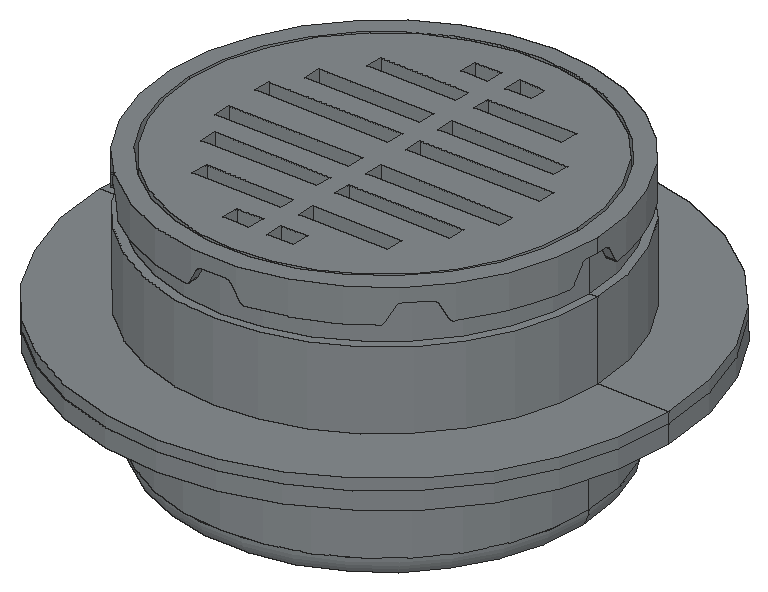
Revit family "Drain_Floor-Jay R.Smith-Round_Type-2330_2331_Series", category Plumbing Fixtures, Revit 2019
Family settings
  Round Connector Dimension = Use Diameter
  Part Type = Normal
  OmniClass Number = 23.70.50.21.24
  OmniClass Title = Waste Water Drains
  Work Plane-Based = Yes
  Always vertical = No
  Cut with Voids When Loaded = No
  Shared = Yes
  Room Calculation Point = No
Parameters (values of type "2331T02")
  Material = "Cast_Iron-Jay R.Smith-Duco_Coated"  # constant formula
  Finish = Cast_Iron-Jay R.Smith-Duco_Coated
  Constraint Radius = 0"
  Waste Connection = yes
  WFU = 0
  Vent Connection = no
  URL = "http://www.jrsmith.com"
  U - Vandal Proof Grate = no
  Type Comments = ""
  Trap Primer Connection -P050   1/2" (13) & -P075 3/4" (19) = no
  T-Threaded Outlet = yes
  Strainer Material = Cast_Iron-Jay R.Smith-Duco_Coated
  Strainer Inner Diameter = 11 1/2"  # constant formula
  Strainer Height Constraint [instance] = if(Strainer Height < 4", 4", (if(Strainer Height > 5 3/8", 5 3/8", Strainer Height)))  # 4"
  Strainer Height [instance] = 3 3/8"
  Strainer Outer Diameter = 12"  # constant formula
  S - Square Top = no
  Quad Close Trap Seal = no
  Product Page URL = "https://www.jrsmith.com/floor-drains-2330"
  Product Documentation Link = "https://www.jrsmith.com/uploads/fileLibrary/d2310.pdf"
  PB - Polished Bronze Top = no
  Outlet Radius = Outlet Diameter / 2  # 1"
  Outlet Diameter = 2"
  NO-HUB Adaptor = no
  NB - Nickel Bronze Top = no
  Model = "2331T02"
  Manufacturer = "Jay R. Smith"  # constant formula
  M - Ductile Iron Grate = no
  LXH - Speedi-Set Extra HeavY 02(50), 03(80) & 04"(100) sizes only (Fig. 2330 only = no
  L - Speedi-Set Service Weight 02(50), 03(80) & 04"(100) sizes only (Fig. 2330 only) = no
  Installation Type = "Floor Mounted"  # constant formula
  HWFU = 0
  HW Connection = no
  H - Hinged Grate = no
  G - Galvanized Cast Iron = no
  FBS - Flat Bottom Strainer = no
  Description = "Medium Duty Floor Drains with 12\" Adjustable Round Tops"
  Default Elevation = 0"
  D - Dome Grate = no
  Creation Date = "04/12/2024"  # constant formula
  Connection Type = "2\" Threaded Outlet Connection"
  CWFU = 0
  CW Connection = no
  C Diameter = 16"
  Body Height B = 3 3/4"
  Assembly Code = "D2030300"
  Adjustable Extensions 4 1/2(115) to 6"(150) -E = no
Types (26): name | T-Threaded Outlet | Strainer Height Constraint | Strainer Height | Outlet Radius | Outlet Diameter | Model | Connection Type | C Diameter | Body Height B
  (no name) | yes | 4" | 3 3/8" | 1" | 2" | "2331T02" | "2\" Threaded Outlet Connection" | 16" | 3 3/4"
  2330C02 | no | 5 3/8" | 7" | 1" | 2" | "2330C02" | "2\" Deep Body Caulk Outlet Connection" | 15 1/4" | 5"
  2330C03 | no | 4" | 3 3/8" | 1 1/2" | 3" | "2330C03" | "3\" Deep Body Caulk Outlet Connection" | 15 1/4" | 5"
  2330C04 | no | 4" | 3 3/8" | 2" | 4" | "2330C04" | "4\" Deep Body Caulk Outlet Connection" | 15 1/4" | 5"
  2330C05 | no | 4" | 3 3/8" | 2 1/2" | 5" | "2330C05" | "5\" Deep Body Caulk Outlet Connection" | 15 1/4" | 5"
  2330C06 | no | 4" | 3 3/8" | 3" | 6" | "2330C06" | "6\" Deep Body Caulk Outlet Connection" | 15 1/4" | 5"
  2330T02 | yes | 4" | 3 3/8" | 1" | 2" | "2330T02" | "2\" Threaded Outlet Connection" | 15 1/4" | 3 3/4"
  2330Y03 | no | 4" | 3 3/8" | 1 1/2" | 3" | "2330Y03" | "3\" Deep Body No Hub Outlet Connection" | 15 1/4" | 5"
  2330Y04 | no | 4" | 3 3/8" | 2" | 4" | "2330Y04" | "4\" Deep Body No Hub Outlet Connection" | 15 1/4" | 5"
  2330Y05 | no | 4" | 3 3/8" | 2 1/2" | 5" | "2330Y05" | "5\" Deep Body No Hub Outlet Connection" | 15 1/4" | 5"
  2330Y06 | no | 4" | 3 3/8" | 3" | 6" | "2330Y06" | "6\" Deep Body No Hub Outlet Connection" | 15 1/4" | 5"
  2330Y02 | no | 4" | 3 3/8" | 1" | 2" | "2330Y02" | "2\" Deep Body No Hub Outlet Connection" | 15 1/4" | 5"
  2330T03 | yes | 4" | 3 3/8" | 1 1/2" | 3" | "2330T03" | "3\" Threaded Outlet Connection" | 15 1/4" | 3 3/4"
  2330T04 | yes | 4" | 3 3/8" | 2" | 4" | "2330T04" | "4\" Threaded Outlet Connection" | 15 1/4" | 3 3/4"
  2330T05 | yes | 5" | 5" | 2 1/2" | 5" | "2330T05" | "5\" Threaded Outlet Connection" | 15 1/4" | 3 3/4"
  2330T06 | yes | 4" | 3 3/8" | 3" | 6" | "2330T06" | "6\" Threaded Outlet Connection" | 15 1/4" | 3 3/4"
  2331C02 | no | 4" | 3 3/8" | 1" | 2" | "2331C02" | "2\" Shallow Body Caulk Outlet Connection" | 16" | 3 3/4"
  2331C03 | no | 4" | 3 3/8" | 1 1/2" | 3" | "2331C03" | "3\" Shallow Body Caulk Outlet Connection" | 16" | 3 3/4"
  2331C04 | no | 4" | 3 3/8" | 2" | 4" | "2331C04" | "4\" Shallow Body Caulk Outlet Connection" | 16" | 3 3/4"
  2331C05 | no | 4" | 3 3/8" | 2 1/2" | 5" | "2331C05" | "5\" Shallow Body Caulk Outlet Connection" | 16" | 3 3/4"
  2331C06 | no | 4" | 3 3/8" | 3" | 6" | "2331C06" | "6\" Shallow Body Caulk Outlet Connection" | 16" | 3 3/4"
  2331T02 | yes | 4" | 3 3/8" | 1" | 2" | "2331T02" | "2\" Threaded Outlet Connection" | 16" | 3 3/4"
  2331T03 | yes | 4" | 3 3/8" | 1 1/2" | 3" | "2331T03" | "3\" Threaded Outlet Connection" | 16" | 3 3/4"
  2331T04 | yes | 4" | 3 3/8" | 2" | 4" | "2331T04" | "4\" Threaded Outlet Connection" | 16" | 3 3/4"
  2331T05 | yes | 5 3/8" | 9" | 2 1/2" | 5" | "2331T05" | "5\" Threaded Outlet Connection" | 16" | 3 3/4"
  2331T06 | yes | 4" | 3 3/8" | 3" | 6" | "2331T06" | "6\" Threaded Outlet Connection" | 16" | 3 3/4"
Reference planes (in)
  plane 1 "Center (Front/Back)": y = 0
  plane 2: z = 0
  plane 3 "Center (Left/Right)": x = 0
  plane 4: x = -8
  plane 5: x = 8
  plane 6: z = -7.75
  plane 7: z = -1.5
  plane 8: z = 0
  plane 9: z = -0.9375
  plane 10: x = 5.5
  plane 11: z = -4
  plane 12: x = -6
  plane 13: x = 6
  plane 14: x = -5.75
  plane 15: x = 5.75
  plane 16: z = -7.75
Forms (in)
  Revolve 1, solid, material "Cast_Iron-Jay R.Smith-Duco_Coated" <- "Finish"
    sketch origin (0, 0, -3.375) x (1, 0, 0) y (0, 0, 1)
      loop
        line (0, -0.625) -> (8, -0.625) -> (8, -0.31285) -> (6, -0.31285) -> (6, 1.875) -> (5.75, 1.875) -> (5.75, 3.375) -> (0, 3.375) -> (0, -0.625)
      axis (0, 3.375) -> (0, -0.625)
    angle from 0 to 360
  Extrusion 2, void
    sketch origin (0, 0, -3.375) x (1, 0, 0) y (0, 1, 0)
      loop
        line (1, 3.93394) -> (1, 4.43394) -> (0.25, 4.43394) -> (0.25, 3.93394) -> (1, 3.93394)
      loop
        line (2.75, 2.81671) -> (2.75, 3.31671) -> (0.25, 3.31671) -> (0.25, 2.81671) -> (2.75, 2.81671)
      loop
        line (3.5, 1.56671) -> (3.5, 2.06671) -> (0.25, 2.06671) -> (0.25, 1.56671) -> (3.5, 1.56671)
      loop
        circle (0, 0) r 5.41358
      loop
        circle (0, 0) r 5.5
      loop
        line (4, 0.44948) -> (4, 0.94948) -> (0.25, 0.94948) -> (0.25, 0.44948) -> (4, 0.44948)
      loop
        line (1, -3.93394) -> (0.25, -3.93394) -> (0.25, -4.43394) -> (1, -4.43394) -> (1, -3.93394)
      loop
        line (2.75, -2.81671) -> (0.25, -2.81671) -> (0.25, -3.31671) -> (2.75, -3.31671) -> (2.75, -2.81671)
      loop
        line (3.5, -1.56671) -> (0.25, -1.56671) -> (0.25, -2.06671) -> (3.5, -2.06671) -> (3.5, -1.56671)
      loop
        line (4, -0.44948) -> (0.25, -0.44948) -> (0.25, -0.94948) -> (4, -0.94948) -> (4, -0.44948)
      loop
        line (-1, 3.93394) -> (-0.25, 3.93394) -> (-0.25, 4.43394) -> (-1, 4.43394) -> (-1, 3.93394)
      loop
        line (-2.75, 2.81671) -> (-0.25, 2.81671) -> (-0.25, 3.31671) -> (-2.75, 3.31671) -> (-2.75, 2.81671)
      loop
        line (-3.5, 1.56671) -> (-0.25, 1.56671) -> (-0.25, 2.06671) -> (-3.5, 2.06671) -> (-3.5, 1.56671)
      loop
        line (-1, -3.93394) -> (-1, -4.43394) -> (-0.25, -4.43394) -> (-0.25, -3.93394) -> (-1, -3.93394)
      loop
        line (-2.75, -2.81671) -> (-2.75, -3.31671) -> (-0.25, -3.31671) -> (-0.25, -2.81671) -> (-2.75, -2.81671)
      loop
        line (-3.5, -1.56671) -> (-3.5, -2.06671) -> (-0.25, -2.06671) -> (-0.25, -1.56671) -> (-3.5, -1.56671)
      loop
        line (-4, 0.44948) -> (-0.25, 0.44948) -> (-0.25, 0.94948) -> (-4, 0.94948) -> (-4, 0.44948)
      loop
        line (-4, -0.44948) -> (-4, -0.94948) -> (-0.25, -0.94948) -> (-0.25, -0.44948) -> (-4, -0.44948)
    from 1.875 to 3.375
  Extrusion 3, solid, material "Cast_Iron-Jay R.Smith-Duco_Coated" <- "Finish"
    sketch origin (0, 0, -3.375) x (1, 0, 0) y (0, 1, 0)
      loop
        circle (0, 0) r 6
    from 2.4375 to 3.375
  Extrusion 4, void
    sketch origin (0, 0, -3.375) x (1, 0, 0) y (0, 0, 1)
      loop
        arc (-0.70435, 2.51656) -> (-0.76223, 2.45869) -> (-0.8413, 2.4375) r 0.15813
        line (-0.8413, 2.4375) -> (-0.90138, 2.4375) -> (-0.90138, 2.34852) -> (0.90893, 2.34852) -> (0.90893, 2.4375) -> (0.84021, 2.4375)
        arc (0.84021, 2.4375) -> (0.76209, 2.45843) -> (0.70489, 2.51563) r 0.15625
        line (0.70489, 2.51563) -> (0.47318, 2.91697)
        arc (0.47318, 2.91697) -> (0.41455, 2.9756) -> (0.33448, 2.99705) r 0.16016
        line (0.33448, 2.99705) -> (-0.33473, 2.99705)
        arc (-0.33473, 2.99705) -> (-0.41459, 2.97566) -> (-0.47305, 2.9172) r 0.15971
        line (-0.47305, 2.9172) -> (-0.70435, 2.51656)
    from -6.5145 to 6.65654
  Extrusion 5, void
    sketch origin (-8.67521, -0.06724, -3.375) x (0, -1, 0) y (0, 0, 1)
      loop
        arc (-0.70435, 2.51656) -> (-0.76223, 2.45869) -> (-0.8413, 2.4375) r 0.15813
        line (-0.8413, 2.4375) -> (-0.90138, 2.4375) -> (-0.90138, 2.34852) -> (0.90893, 2.34852) -> (0.90893, 2.4375) -> (0.84021, 2.4375)
        arc (0.84021, 2.4375) -> (0.76209, 2.45843) -> (0.70489, 2.51562) r 0.15625
        line (0.70489, 2.51562) -> (0.47318, 2.91697)
        arc (0.47318, 2.91697) -> (0.41455, 2.9756) -> (0.33448, 2.99705) r 0.16016
        line (0.33448, 2.99705) -> (-0.33473, 2.99705)
        arc (-0.33473, 2.99705) -> (-0.41459, 2.97566) -> (-0.47305, 2.9172) r 0.15971
        line (-0.47305, 2.9172) -> (-0.70435, 2.51656)
    from -7.67521 to -0.67521
  Extrusion 6, void
    sketch origin (8.67521, -0.06724, -3.375) x (0, -1, 0) y (0, 0, -1)
      loop
        line (-0.70435, -2.51656) -> (-0.47305, -2.9172)
        arc (-0.47305, -2.9172) -> (-0.41459, -2.97566) -> (-0.33473, -2.99705) r 0.15971
        line (-0.33473, -2.99705) -> (0.33448, -2.99705)
        arc (0.33448, -2.99705) -> (0.41455, -2.9756) -> (0.47318, -2.91697) r 0.16016
        line (0.47318, -2.91697) -> (0.70489, -2.51562)
        arc (0.70489, -2.51562) -> (0.76209, -2.45843) -> (0.84021, -2.4375) r 0.15625
        line (0.84021, -2.4375) -> (0.90893, -2.4375) -> (0.90893, -2.34852) -> (-0.90138, -2.34852) -> (-0.90138, -2.4375) -> (-0.8413, -2.4375)
        arc (-0.8413, -2.4375) -> (-0.76223, -2.45869) -> (-0.70435, -2.51656) r 0.15813
    from -7.67521 to -0.67521
  Extrusion 7, void
    sketch origin (-7.21736, 7.08212, -3.375) x (-0.701184, -0.712981, 0) y (0, 0, 1)
      loop
        arc (-0.70435, 2.51656) -> (-0.76223, 2.45869) -> (-0.8413, 2.4375) r 0.15813
        line (-0.8413, 2.4375) -> (-0.90138, 2.4375) -> (-0.90138, 2.34852) -> (0.90893, 2.34852) -> (0.90893, 2.4375) -> (0.84021, 2.4375)
        arc (0.84021, 2.4375) -> (0.76209, 2.45843) -> (0.70489, 2.51562) r 0.15625
        line (0.70489, 2.51562) -> (0.47318, 2.91697)
        arc (0.47318, 2.91697) -> (0.41455, 2.9756) -> (0.33448, 2.99705) r 0.16016
        line (0.33448, 2.99705) -> (-0.33473, 2.99705)
        arc (-0.33473, 2.99705) -> (-0.41459, 2.97566) -> (-0.47305, 2.9172) r 0.15971
        line (-0.47305, 2.9172) -> (-0.70435, 2.51656)
    from -7.36117 to -4.02183
  Extrusion 8, void
    sketch origin (7.75354, 7.61541, -3.375) x (0.701184, -0.712981, 0) y (0, 0, -1)
      loop
        line (-0.70435, -2.51656) -> (-0.47305, -2.9172)
        arc (-0.47305, -2.9172) -> (-0.41459, -2.97566) -> (-0.33473, -2.99705) r 0.15971
        line (-0.33473, -2.99705) -> (0.33448, -2.99705)
        arc (0.33448, -2.99705) -> (0.41455, -2.9756) -> (0.47318, -2.91697) r 0.16016
        line (0.47318, -2.91697) -> (0.70489, -2.51562)
        arc (0.70489, -2.51562) -> (0.76209, -2.45843) -> (0.84021, -2.4375) r 0.15625
        line (0.84021, -2.4375) -> (0.90893, -2.4375) -> (0.90893, -2.34852) -> (-0.90138, -2.34852) -> (-0.90138, -2.4375) -> (-0.8413, -2.4375)
        arc (-0.8413, -2.4375) -> (-0.76223, -2.45869) -> (-0.70435, -2.51656) r 0.15813
    from -8.49229 to -4.5742
  Extrusion 9, void
    sketch origin (-7.21736, -7.08212, -3.375) x (-0.701184, 0.712981, 0) y (0, 0, -1)
      loop
        line (-0.70435, -2.51656) -> (-0.47305, -2.9172)
        arc (-0.47305, -2.9172) -> (-0.41459, -2.97566) -> (-0.33473, -2.99705) r 0.15971
        line (-0.33473, -2.99705) -> (0.33448, -2.99705)
        arc (0.33448, -2.99705) -> (0.41455, -2.9756) -> (0.47318, -2.91697) r 0.16016
        line (0.47318, -2.91697) -> (0.70489, -2.51562)
        arc (0.70489, -2.51562) -> (0.76209, -2.45843) -> (0.84021, -2.4375) r 0.15625
        line (0.84021, -2.4375) -> (0.90893, -2.4375) -> (0.90893, -2.34852) -> (-0.90138, -2.34852) -> (-0.90138, -2.4375) -> (-0.8413, -2.4375)
        arc (-0.8413, -2.4375) -> (-0.76223, -2.45869) -> (-0.70435, -2.51656) r 0.15813
    from -7.06029 to -4.02183
  Extrusion 10, void
    sketch origin (7.75354, -7.61541, -3.375) x (0.701184, 0.712981, 0) y (0, 0, 1)
      loop
        arc (-0.70435, 2.51656) -> (-0.76223, 2.45869) -> (-0.8413, 2.4375) r 0.15813
        line (-0.8413, 2.4375) -> (-0.90138, 2.4375) -> (-0.90138, 2.34852) -> (0.90893, 2.34852) -> (0.90893, 2.4375) -> (0.84021, 2.4375)
        arc (0.84021, 2.4375) -> (0.76209, 2.45843) -> (0.70489, 2.51562) r 0.15625
        line (0.70489, 2.51562) -> (0.47318, 2.91697)
        arc (0.47318, 2.91697) -> (0.41455, 2.9756) -> (0.33448, 2.99705) r 0.16016
        line (0.33448, 2.99705) -> (-0.33473, 2.99705)
        arc (-0.33473, 2.99705) -> (-0.41459, 2.97566) -> (-0.47305, 2.9172) r 0.15971
        line (-0.47305, 2.9172) -> (-0.70435, 2.51656)
    from -8.49229 to -4.5742
  Revolve 11, solid, material "Cast_Iron-Jay R.Smith-Duco_Coated" <- "Finish"
    sketch origin (0, 0, -3.375) x (1, 0, 0) y (0, 0, 1)
      loop
        line (0, -0.625) -> (-8, -0.625) -> (-8, -1.125) -> (-5.97263, -1.89551)
        arc (-5.97263, -1.89551) -> (-5.81039, -2.0378) -> (-5.75, -2.24497) r 0.38558
        line (-5.75, -2.24497) -> (-5.75, -3.58549)
        arc (-5.75, -3.58549) -> (-5.57049, -4.01886) -> (-5.13712, -4.19837) r 0.61288
        arc (-5.13712, -4.19837) -> (-5.02814, -4.32693) -> (-4.86659, -4.375) r 0.29549
        line (-4.86659, -4.375) -> (-1.44549, -4.375) -> (-1.44549, -4.26764)
        arc (-1.44549, -4.26764) -> (-1.41404, -4.34356) -> (-1.33813, -4.375) r 0.10736
        line (-1.33813, -4.375) -> (-1, -4.375) -> (-1, -1.125) -> (0, -1.125) -> (0, -0.625)
      axis (0, -4.375) -> (0, -0.625)
    angle from 0 to 360
Cuts and joins
  Extrusion 2 cuts Revolve 1
  Extrusion 2, Extrusion 4, Extrusion 5, Extrusion 6, Extrusion 7, Extrusion 8, Extrusion 9, Extrusion 10 cuts Extrusion 3
  joined: Revolve 1, Extrusion 3
Lines and regions (in)
  Masking region 1
    outline origin (0, 0, 0) x (1, 0, 0) y (0, 1, 0)
  Masking region 2
    outline origin (0, 0, 0) x (1, 0, 0) y (0, 1, 0)
      loop
        circle (0, 0) r 8
  symbolic lines, detail levels medium+fine
    curve 1: line (-4, 0.44948, 0) -> (-4, 0.94948, 0)
    curve 2: line (-4, 0.94948, 0) -> (-0.25, 0.94948, 0)
    curve 3: line (-0.25, 0.94948, 0) -> (-0.25, 0.44948, 0)
    curve 4: line (-0.25, 0.44948, 0) -> (-4, 0.44948, 0)
    curve 5: line (-0.25, 1.56671, 0) -> (-3.5, 1.56671, 0)
    curve 6: line (-3.5, 1.56671, 0) -> (-3.5, 2.06671, 0)
    curve 7: line (-3.5, 2.06671, 0) -> (-0.25, 2.06671, 0)
    curve 8: line (-0.25, 2.06671, 0) -> (-0.25, 1.56671, 0)
    curve 9: line (-2.75, 3.31671, 0) -> (-0.25, 3.31671, 0)
    curve 10: line (-0.25, 3.31671, 0) -> (-0.25, 2.81671, 0)
    curve 11: line (-0.25, 2.81671, 0) -> (-2.75, 2.81671, 0)
    curve 12: line (-2.75, 2.81671, 0) -> (-2.75, 3.31671, 0)
    curve 13: line (-4, -0.44948, 0) -> (-0.25, -0.44948, 0)
    curve 14: line (-0.25, -0.44948, 0) -> (-0.25, -0.94948, 0)
    curve 15: line (-0.25, -0.94948, 0) -> (-4, -0.94948, 0)
    curve 16: line (-4, -0.94948, 0) -> (-4, -0.44948, 0)
    curve 17: line (-3.5, -2.06671, 0) -> (-3.5, -1.56671, 0)
    curve 18: line (-3.5, -1.56671, 0) -> (-0.25, -1.56671, 0)
    curve 19: line (-0.25, -1.56671, 0) -> (-0.25, -2.06671, 0)
    curve 20: line (-0.25, -2.06671, 0) -> (-3.5, -2.06671, 0)
    curve 21: line (-2.75, -2.81671, 0) -> (-0.25, -2.81671, 0)
    curve 22: line (-0.25, -2.81671, 0) -> (-0.25, -3.31671, 0)
    curve 23: line (-0.25, -3.31671, 0) -> (-2.75, -3.31671, 0)
    curve 24: line (-2.75, -3.31671, 0) -> (-2.75, -2.81671, 0)
    curve 25: line (0.25, -3.31671, 0) -> (0.25, -2.81671, 0)
    curve 26: line (0.25, -2.81671, 0) -> (2.75, -2.81671, 0)
    curve 27: line (2.75, -2.81671, 0) -> (2.75, -3.31671, 0)
    curve 28: line (2.75, -3.31671, 0) -> (0.25, -3.31671, 0)
    curve 29: line (0.25, -2.06671, 0) -> (0.25, -1.56671, 0)
    curve 30: line (0.25, -1.56671, 0) -> (3.5, -1.56671, 0)
    curve 31: line (3.5, -1.56671, 0) -> (3.5, -2.06671, 0)
    curve 32: line (3.5, -2.06671, 0) -> (0.25, -2.06671, 0)
    curve 33: line (0.25, -0.94948, 0) -> (0.25, -0.44948, 0)
    curve 34: line (0.25, -0.44948, 0) -> (4, -0.44948, 0)
    curve 35: line (4, -0.44948, 0) -> (4, -0.94948, 0)
    curve 36: line (4, -0.94948, 0) -> (0.25, -0.94948, 0)
    curve 37: line (0.25, 0.94948, 0) -> (4, 0.94948, 0)
    curve 38: line (4, 0.94948, 0) -> (4, 0.44948, 0)
    curve 39: line (4, 0.44948, 0) -> (0.25, 0.44948, 0)
    curve 40: line (0.25, 0.44948, 0) -> (0.25, 0.94948, 0)
    curve 41: line (0.25, 1.56671, 0) -> (0.25, 2.06671, 0)
    curve 42: line (0.25, 2.06671, 0) -> (3.5, 2.06671, 0)
    curve 43: line (3.5, 2.06671, 0) -> (3.5, 1.56671, 0)
    curve 44: line (3.5, 1.56671, 0) -> (0.25, 1.56671, 0)
    curve 45: line (2.75, 2.81671, 0) -> (0.25, 2.81671, 0)
    curve 46: line (0.25, 2.81671, 0) -> (0.25, 3.31671, 0)
    curve 47: line (0.25, 3.31671, 0) -> (2.75, 3.31671, 0)
    curve 48: line (2.75, 3.31671, 0) -> (2.75, 2.81671, 0)
    curve 49: circle (0, 0, 0) r 5.13712 normal (0, 0, 1)
    curve 50: circle (0, 0, 0) r 5.75 normal (0, 0, 1)
    curve 51: circle (0, 0, 0) r 6 normal (0, 0, 1)
    curve 52: line (0.25, -3.93394, 0) -> (1, -3.93394, 0)
    curve 53: line (0.25, -4.43394, 0) -> (0.25, -3.93394, 0)
    curve 54: line (1, -4.43394, 0) -> (0.25, -4.43394, 0)
    curve 55: line (1, -3.93394, 0) -> (1, -4.43394, 0)
    curve 56: line (-0.25, -3.93394, 0) -> (-1, -3.93394, 0)
    curve 57: line (-0.25, -4.43394, 0) -> (-0.25, -3.93394, 0)
    curve 58: line (-1, -4.43394, 0) -> (-0.25, -4.43394, 0)
    curve 59: line (-1, -3.93394, 0) -> (-1, -4.43394, 0)
    curve 60: line (0.25, 4.43394, 0) -> (1, 4.43394, 0)
    curve 61: line (0.25, 3.93394, 0) -> (0.25, 4.43394, 0)
    curve 62: line (1, 3.93394, 0) -> (0.25, 3.93394, 0)
    curve 63: line (1, 4.43394, 0) -> (1, 3.93394, 0)
    curve 64: line (-0.25, 4.43394, 0) -> (-1, 4.43394, 0)
    curve 65: line (-0.25, 3.93394, 0) -> (-0.25, 4.43394, 0)
    curve 66: line (-1, 3.93394, 0) -> (-0.25, 3.93394, 0)
    curve 67: line (-1, 4.43394, 0) -> (-1, 3.93394, 0)
Dimensions and locks (in)
  equal spacing: plane 4, plane 3 "Center (Left/Right)", plane 5
  "C Diameter": plane 4 to plane 5
  locked: plane 8 to plane 9 at 0.9375
  locked: plane 3 "Center (Left/Right)" to plane 10 at 5.5
  "Strainer Height Constraint": plane 8 to plane 11
  locked: plane 7 to plane 11 at 2.5
  equal spacing: plane 13, plane 3 "Center (Left/Right)", plane 12
  "Strainer Outer Diameter": plane 13 to plane 12
  equal spacing: plane 14, plane 3 "Center (Left/Right)", plane 15
  "Strainer Inner Diameter": plane 14 to plane 15
  "Body Height B": plane 11 to plane 6
  plane 11 to plane 6 = 3 3/4"
  locked: Revolve 11 sketch curve to Revolve 11 sketch curve at 0.44549
  "Outlet Radius": plane 3 "Center (Left/Right)" to Revolve 11 sketch curve
  Revolve 11 sketch curve to Revolve 11 sketch curve to Revolve 11 sketch curve = 0.49402" locked, 0.29549" locked
  locked: plane 11 to plane 16 at 3.75
  locked: Revolve 11 sketch curve to plane 16 at 2.13003
  radius of Revolve 11 sketch curve = 0.29549"
  radius of Revolve 11 sketch curve = 0.61288"
  radius of Revolve 11 sketch curve = 0.10736"
  aligned and locked: Revolve 1 sketch curve to plane 3 "Center (Left/Right)"
  aligned and locked: Revolve 1 sketch curve to plane 8
  aligned and locked: plane 8 to Extrusion 3
  aligned and locked: plane 4 to Extrusion 5
  aligned and locked: plane 5 to Extrusion 6
  aligned and locked: Revolve 1 to Extrusion 2
  aligned and locked: Extrusion 2 to plane 7
  aligned and locked: Revolve 1 sketch curve to plane 7
  aligned and locked: Masking region 2 sketch curve to cut or joined group 1 (Revolve 1, Extrusion 2, Extrusion 3, Extrusion 4, Extrusion 5, Extrusion 6, Extrusion 7, Extrusion 8, Extrusion 9, Extrusion 10)
  aligned and locked: Revolve 1 sketch curve to plane 13
  aligned and locked: plane 15 to Revolve 1 sketch curve
  aligned and locked: cut or joined group 1 to plane 9
  aligned and locked: plane 4 to Revolve 11 sketch curve
  aligned and locked: plane 11 to Revolve 11 sketch curve
  aligned and locked: Revolve 11 sketch curve to plane 3 "Center (Left/Right)"
  aligned and locked: Revolve 11 sketch curve to cut or joined group 1
  aligned and locked: plane 6 to Revolve 11 sketch curve
  aligned and locked: Revolve 11 sketch curve to plane 16
  aligned and locked: curve 50 to cut or joined group 1
  aligned and locked: curve 51 to cut or joined group 1
  aligned and locked: curve 43 to cut or joined group 1
  aligned and locked: curve 38 to cut or joined group 1
  aligned and locked: curve 27 to cut or joined group 1
  aligned and locked: curve 26 to cut or joined group 1
  aligned and locked: curve 48 to cut or joined group 1
  aligned and locked: curve 47 to cut or joined group 1
  aligned and locked: curve 52 to cut or joined group 1
  aligned and locked: curve 53 to cut or joined group 1
  aligned and locked: curve 54 to cut or joined group 1
  aligned and locked: curve 55 to cut or joined group 1
  aligned and locked: curve 56 to cut or joined group 1
  aligned and locked: curve 57 to cut or joined group 1
  aligned and locked: curve 58 to cut or joined group 1
  aligned and locked: curve 59 to cut or joined group 1
  aligned and locked: curve 60 to cut or joined group 1
  aligned and locked: curve 61 to cut or joined group 1
  aligned and locked: curve 62 to cut or joined group 1
  aligned and locked: curve 63 to cut or joined group 1
  aligned and locked: curve 64 to cut or joined group 1
  aligned and locked: curve 65 to cut or joined group 1
  aligned and locked: curve 66 to cut or joined group 1
  aligned and locked: curve 67 to cut or joined group 1
  aligned and locked: curve 17 to cut or joined group 1
  aligned and locked: curve 24 to cut or joined group 1
  aligned and locked: curve 23 to cut or joined group 1
  aligned and locked: curve 21 to cut or joined group 1
  aligned and locked: curve 16 to cut or joined group 1
  aligned and locked: curve 1 to cut or joined group 1
  aligned and locked: curve 6 to cut or joined group 1
  aligned and locked: curve 12 to cut or joined group 1
  aligned and locked: curve 9 to cut or joined group 1
  aligned and locked: curve 11 to cut or joined group 1
  aligned and locked: plane 2 to plane 8
Automatic sketch dimensions
  Extrusion 4 sketch curve to Extrusion 4 sketch curve = 0.13694"
  Extrusion 4 sketch curve to Extrusion 4 sketch curve = 0.23131"
  Extrusion 4 sketch curve to Extrusion 4 sketch curve = 0.13831"
  Extrusion 4 sketch curve to Extrusion 4 sketch curve = 0.1387"
  Extrusion 4 sketch curve to Extrusion 4 sketch curve = 0.13532"
  Extrusion 4 sketch curve to Extrusion 4 sketch curve = 0.08008"
  Extrusion 5 sketch curve to Extrusion 5 sketch curve = 0.06009"
  Extrusion 5 sketch curve to Extrusion 5 sketch curve = 0.13694"
  Extrusion 5 sketch curve to Extrusion 5 sketch curve = 0.13831"
  Extrusion 5 sketch curve to Extrusion 5 sketch curve = 0.1387"
  Extrusion 5 sketch curve to Extrusion 5 sketch curve = 0.23172"
  Extrusion 5 sketch curve to Extrusion 5 sketch curve = 0.13532"
  Extrusion 5 sketch curve to Extrusion 5 sketch curve = 0.06872"
  Extrusion 5 sketch curve to Extrusion 5 sketch curve = 0.08008"
  Extrusion 5 sketch curve to Extrusion 5 sketch curve = 0.15971"
  Extrusion 6 sketch curve to Extrusion 6 sketch curve = 0.06009"
  Extrusion 6 sketch curve to Extrusion 6 sketch curve = 0.13694"
  Extrusion 6 sketch curve to Extrusion 6 sketch curve = 0.13831"
  Extrusion 6 sketch curve to Extrusion 6 sketch curve = 0.1387"
  Extrusion 6 sketch curve to Extrusion 6 sketch curve = 0.23172"
  Extrusion 6 sketch curve to Extrusion 6 sketch curve = 0.13532"
  Extrusion 6 sketch curve to Extrusion 6 sketch curve = 0.06872"
  Extrusion 6 sketch curve to Extrusion 6 sketch curve = 0.08008"
  Extrusion 7 sketch curve to Extrusion 7 sketch curve = 0.06009"
  Extrusion 7 sketch curve to Extrusion 7 sketch curve = 0.13694"
  Extrusion 7 sketch curve to Extrusion 7 sketch curve = 0.23131"
  Extrusion 7 sketch curve to Extrusion 7 sketch curve = 0.13831"
  Extrusion 7 sketch curve to Extrusion 7 sketch curve = 0.66921"
  Extrusion 7 sketch curve to Extrusion 7 sketch curve = 0.1387"
  Extrusion 7 sketch curve to Extrusion 7 sketch curve = 0.23172"
  Extrusion 7 sketch curve to Extrusion 7 sketch curve = 0.13532"
  Extrusion 7 sketch curve to Extrusion 7 sketch curve = 0.06872"
  Extrusion 8 sketch curve to Extrusion 8 sketch curve = 0.06009"
  Extrusion 8 sketch curve to Extrusion 8 sketch curve = 0.13694"
  Extrusion 8 sketch curve to Extrusion 8 sketch curve = 0.23131"
  Extrusion 8 sketch curve to Extrusion 8 sketch curve = 0.13831"
  Extrusion 8 sketch curve to Extrusion 8 sketch curve = 0.66921"
  Extrusion 8 sketch curve to Extrusion 8 sketch curve = 0.1387"
  Extrusion 8 sketch curve to Extrusion 8 sketch curve = 0.23172"
  Extrusion 8 sketch curve to Extrusion 8 sketch curve = 0.13532"
  Extrusion 8 sketch curve to Extrusion 8 sketch curve = 0.06872"
  Extrusion 9 sketch curve to Extrusion 9 sketch curve = 0.06009"
  Extrusion 9 sketch curve to Extrusion 9 sketch curve = 0.13694"
  Extrusion 9 sketch curve to Extrusion 9 sketch curve = 0.23131"
  Extrusion 9 sketch curve to Extrusion 9 sketch curve = 0.13831"
  Extrusion 9 sketch curve to Extrusion 9 sketch curve = 0.66921"
  Extrusion 9 sketch curve to Extrusion 9 sketch curve = 0.1387"
  Extrusion 9 sketch curve to Extrusion 9 sketch curve = 0.23172"
  Extrusion 9 sketch curve to Extrusion 9 sketch curve = 0.13532"
  Extrusion 9 sketch curve to Extrusion 9 sketch curve = 0.06872"
  Extrusion 10 sketch curve to Extrusion 10 sketch curve = 0.06009"
  Extrusion 10 sketch curve to Extrusion 10 sketch curve = 0.13694"
  Extrusion 10 sketch curve to Extrusion 10 sketch curve = 0.23131"
  Extrusion 10 sketch curve to Extrusion 10 sketch curve = 0.13831"
  Extrusion 10 sketch curve to Extrusion 10 sketch curve = 0.66921"
  Extrusion 10 sketch curve to Extrusion 10 sketch curve = 0.1387"
  Extrusion 10 sketch curve to Extrusion 10 sketch curve = 0.23172"
  Extrusion 10 sketch curve to Extrusion 10 sketch curve = 0.13532"
  Extrusion 10 sketch curve to Extrusion 10 sketch curve = 0.06872"
  Extrusion 4 sketch curve to Extrusion 4 sketch curve = 0.06009"
  Extrusion 4 sketch curve to Extrusion 4 sketch curve = 0.23172"
  Extrusion 4 sketch curve to Extrusion 4 sketch curve = 0.06872"
  Extrusion 4 sketch curve to Extrusion 4 sketch curve = 0.66921"
  Extrusion 4 sketch curve to Extrusion 4 sketch curve = 0.08898"  (x2)
  Extrusion 4 sketch curve to Extrusion 4 sketch curve = 5/64"
  Extrusion 4 sketch curve to Extrusion 4 sketch curve = 0.07906"
  Extrusion 4 sketch curve to Extrusion 4 sketch curve = 0.32127"
  Extrusion 4 sketch curve to Extrusion 4 sketch curve = 0.15971"
  Extrusion 5 sketch curve to Extrusion 5 sketch curve = 0.23131"
  Extrusion 5 sketch curve to Extrusion 5 sketch curve = 0.66921"
  Extrusion 5 sketch curve to Extrusion 5 sketch curve = 0.08898"  (x2)
  Extrusion 5 sketch curve to Extrusion 5 sketch curve = 5/64"
  Extrusion 5 sketch curve to Extrusion 5 sketch curve = 0.07906"
  Extrusion 5 sketch curve to Extrusion 5 sketch curve = 0.32127"
  Extrusion 6 sketch curve to Extrusion 6 sketch curve = 0.23131"
  Extrusion 6 sketch curve to Extrusion 6 sketch curve = 0.66921"
  Extrusion 6 sketch curve to Extrusion 6 sketch curve = 0.07985"
  Extrusion 6 sketch curve to Extrusion 6 sketch curve = 0.32157"
  Extrusion 6 sketch curve to Extrusion 6 sketch curve = 0.32322"
  Extrusion 6 sketch curve to Extrusion 6 sketch curve = 0.07906"
  Extrusion 6 sketch curve to Extrusion 6 sketch curve = 5/64"
  Extrusion 6 sketch curve to Extrusion 6 sketch curve = 0.08898"
  Extrusion 7 sketch curve to Extrusion 7 sketch curve = 0.08898"  (x2)
  Extrusion 7 sketch curve to Extrusion 7 sketch curve = 5/64"
  Extrusion 7 sketch curve to Extrusion 7 sketch curve = 0.07906"
  Extrusion 7 sketch curve to Extrusion 7 sketch curve = 0.32127"
  Extrusion 7 sketch curve to Extrusion 7 sketch curve = 0.32078"
  Extrusion 7 sketch curve to Extrusion 7 sketch curve = 0.08008"
  Extrusion 8 sketch curve to Extrusion 8 sketch curve = 0.07985"
  Extrusion 8 sketch curve to Extrusion 8 sketch curve = 0.08008"
  Extrusion 8 sketch curve to Extrusion 8 sketch curve = 0.32157"
  Extrusion 8 sketch curve to Extrusion 8 sketch curve = 0.32322"
  Extrusion 8 sketch curve to Extrusion 8 sketch curve = 0.07906"
  Extrusion 8 sketch curve to Extrusion 8 sketch curve = 5/64"
  Extrusion 8 sketch curve to Extrusion 8 sketch curve = 0.08898"
  Extrusion 9 sketch curve to Extrusion 9 sketch curve = 0.07985"
  Extrusion 9 sketch curve to Extrusion 9 sketch curve = 0.08008"
  Extrusion 9 sketch curve to Extrusion 9 sketch curve = 0.32157"
  Extrusion 9 sketch curve to Extrusion 9 sketch curve = 0.32322"
  Extrusion 9 sketch curve to Extrusion 9 sketch curve = 0.07906"
  Extrusion 9 sketch curve to Extrusion 9 sketch curve = 5/64"
  Extrusion 9 sketch curve to Extrusion 9 sketch curve = 0.08898"
  Extrusion 10 sketch curve to Extrusion 10 sketch curve = 0.08898"  (x2)
  Extrusion 10 sketch curve to Extrusion 10 sketch curve = 5/64"
  Extrusion 10 sketch curve to Extrusion 10 sketch curve = 0.07906"
  Extrusion 10 sketch curve to Extrusion 10 sketch curve = 0.32127"
  Extrusion 10 sketch curve to Extrusion 10 sketch curve = 0.32078"
  Extrusion 10 sketch curve to Extrusion 10 sketch curve = 0.08008"
  Extrusion 4 sketch curve to plane 9 = 0"
  Extrusion 4 sketch curve to plane 3 "Center (Left/Right)" = 0.90138"
  Extrusion 5 sketch curve to plane 9 = 0"
  Extrusion 5 sketch curve to plane 1 "Center (Front/Back)" = 0.83414"
  Extrusion 6 sketch curve to plane 9 = 0"
  Extrusion 6 sketch curve to plane 1 "Center (Front/Back)" = 0.83414"
  plane 9 to Extrusion 7 sketch curve = 0"
  plane 9 to Extrusion 8 sketch curve = 0"
  Extrusion 9 sketch curve to plane 9 = 0"
  Extrusion 10 sketch curve to plane 9 = 0"
  plane 1 "Center (Front/Back)" to Extrusion 3 sketch curve = 0"
  Extrusion 3 sketch curve to plane 3 "Center (Left/Right)" = 0"
  Revolve 1 sketch curve to plane 3 "Center (Left/Right)" = 0"
  Revolve 1 sketch curve to plane 5 = 0"
  Revolve 1 sketch curve to Revolve 1 sketch curve = 0.31215"
  Revolve 1 sketch curve to plane 6 = 11"
  plane 2 to Revolve 1 sketch curve = 14 7/8"
  Revolve 1 sketch curve to plane 11 = 0"
  Extrusion 2 sketch curve to Extrusion 2 sketch curve = 0"  (x12)
  plane 1 "Center (Front/Back)" to Extrusion 2 sketch curve = 0"
  Extrusion 2 sketch curve to plane 3 "Center (Left/Right)" = 0"
  Extrusion 2 sketch curve to plane 3 "Center (Left/Right)" = 1/4"  (x8)
  Extrusion 2 sketch curve to Extrusion 2 sketch curve = 3/4"  (x11)
  Extrusion 2 sketch curve to Extrusion 2 sketch curve = 1 3/4"  (x4)
  plane 1 "Center (Front/Back)" to Extrusion 2 sketch curve = 0.44948"  (x2)
  Extrusion 2 sketch curve to Extrusion 2 sketch curve = 1/2"  (x14)
  Extrusion 2 sketch curve to plane 1 "Center (Front/Back)" = 0.44948"  (x2)
  plane 3 "Center (Left/Right)" to Extrusion 2 sketch curve = 1/4"  (x8)
  Extrusion 2 sketch curve to Extrusion 2 sketch curve = 0.61723"  (x5)
  curve 49 to curve 50 = 0"  (x2)
  curve 15 to plane 3 "Center (Left/Right)" = 1/4"
  curve 18 to plane 3 "Center (Left/Right)" = 1/4"
  curve 11 to plane 3 "Center (Left/Right)" = 1/4"
  curve 21 to plane 3 "Center (Left/Right)" = 1/4"
  curve 8 to plane 3 "Center (Left/Right)" = 1/4"
  curve 2 to plane 3 "Center (Left/Right)" = 1/4"
  plane 3 "Center (Left/Right)" to curve 36 = 1/4"
  plane 3 "Center (Left/Right)" to curve 37 = 1/4"
  plane 3 "Center (Left/Right)" to curve 30 = 1/4"
  plane 3 "Center (Left/Right)" to curve 28 = 1/4"
  plane 3 "Center (Left/Right)" to curve 41 = 1/4"
  plane 3 "Center (Left/Right)" to curve 45 = 1/4"
  curve 26 to curve 31 = 3/4"
  curve 34 to curve 38 = 0"
  curve 27 to curve 26 = 1/2"
  curve 21 to curve 17 = 3/4"
  curve 26 to curve 32 = 3/4"
  curve 29 to curve 29 = 1/2"
  curve 17 to curve 18 = 1/2"
  curve 17 to curve 16 = 0.61723"
  curve 14 to curve 33 = 0"
  plane 1 "Center (Front/Back)" to curve 16 = 0.44948"
  plane 1 "Center (Front/Back)" to curve 35 = 0.44948"
  curve 40 to plane 1 "Center (Front/Back)" = 0.44948"
  curve 4 to plane 1 "Center (Front/Back)" = 0.44948"
  curve 38 to curve 38 = 1/2"
  curve 1 to curve 1 = 1/2"
  curve 37 to curve 41 = 0.61723"
  curve 5 to curve 41 = 0"
  curve 43 to curve 42 = 1/2"
  curve 5 to curve 6 = 1/2"
  curve 45 to curve 47 = 1/2"
  plane 14 to Revolve 11 sketch curve = 0"
  Revolve 11 sketch curve to plane 3 "Center (Left/Right)" = 0"
  Revolve 11 sketch curve to plane 12 = 0.13558"
  plane 12 to Revolve 11 sketch curve = 0.02737"
  Revolve 11 sketch curve to plane 11 = 1/2"  (x2)
  Revolve 11 sketch curve to plane 7 = 0.93785"
  radius of Extrusion 3 sketch curve = 6"
  radius of Extrusion 2 sketch curve = 5.41358"
  radius of Extrusion 2 sketch curve = 5 1/2"
  radius of curve 49 = 5.13712"
Connectors (in)
  piping at (0, 0, -7.75), diameter 2, driven by "Outlet Diameter", driven by "WFU", driven by "Connection Type"
    settings: on Revolve 11, index 1, connector inside diameter 24", connector length 0", flow factor 0, pipe flow 0 GPM, pressure drop 0.00 psi, fitting loss kfactor 0, connector angle 0.00°, fixture units 0, engagement length 0", angle of deflection 0.00°, flow configuration 0, flow direction 2, fitting loss method 0, system type 16, joint type 0, gender type 0, connector reference index -1, connector utility 0, adjustable connector no, is connector primary yes, connector description "2\" Threaded Outlet Connection"
